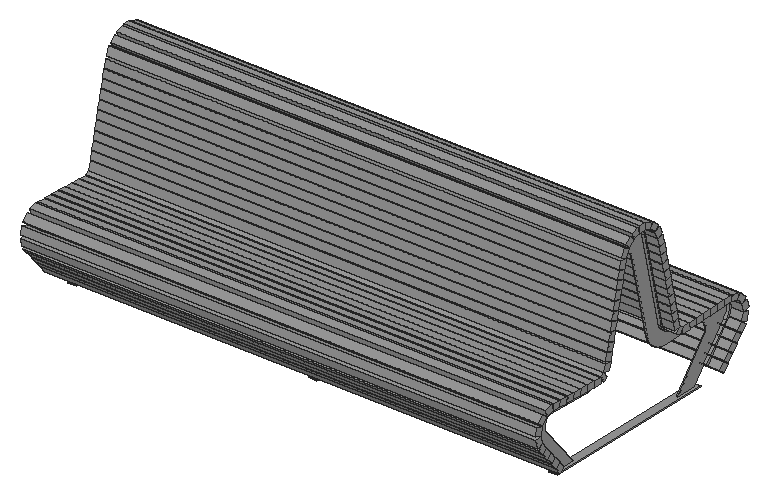
Revit family "Скамейка стальная «Парк М.Горького» двухсторонняя Арт 10762", category Антураж, Revit 2018
Family settings
  На основе рабочей плоскости = Нет
  Всегда вертикально = Да
  При загрузке вырезать с полостями = Нет
  Источник визуального образа = Геометрия семейства
  Общий = Нет
  Точка расчета площади = Нет
Parameters (values of type "Версия 3,0 м")
  Ширина = 1575 mm  # constant formula
  Цвет сидения = Дерево
  Цвет опоры = Сталь
  Средняя опора = or([Версия 2,5 м], [Версия 3,0 м])  # yes
  Описание = if([Версия 1,5 м], "Скамейка стальная «Парк М. Горького» двухсторонняя. Версия 1,5 м", if([Версия 1,8 м], "Скамейка стальная «Парк М. Горького» двухсторонняя. Версия 1,8 м", if([Версия 2,0 м], "Скамейка стальная «Парк М. Горького» двухсторонняя. Версия 2,0 м", if([Версия 2,5 м], "Скамейка стальная «Парк М. Горького» двухсторонняя. Версия 2,5 м", "Скамейка стальная «Парк М. Горького» двухсторонняя. Версия 3,0 м"))))  # "Скамейка стальная «Парк М. Горького» двухсторонняя. Версия 3,0 м"
  Материал изделия = "Сталь, дерево"  # constant formula
  Изображение типоразмера = Скамейка стальная «Парк М.Горького» двухсторонняя Арт 10762.jpg
  Изготовитель = "ООО «Хоббика»"  # constant formula
  Длина = if([Версия 1,5 м], 1500 mm, if([Версия 1,8 м], 1800 mm, if([Версия 2,0 м], 2000 mm, if([Версия 2,5 м], 2500 mm, 3000 mm))))  # 3000 mm
  Группа модели = "Скамейки"  # constant formula
  Высота = 1105 mm  # constant formula
  Версия 3,0 м = not(or([Версия 1,5 м], [Версия 1,8 м], [Версия 2,0 м], [Версия 2,5 м]))  # yes
  Версия 2,5 м = no
  Версия 2,0 м = no
  Версия 1,8 м = no
  Версия 1,5 м = no
  Артикул товара = "Арт. 10762"  # constant formula
  URL = "https://hobbyka.ru/product/skameyka_dvukhstoronnyaya_park_m_gorkogo/"
Types (6, lengths in mm): name | Средняя опора | Описание | Длина | Версия 3,0 м | Версия 2,5 м | Версия 2,0 м | Версия 1,8 м | Версия 1,5 м
  (no name) | yes | "Скамейка стальная «Парк М. Горького» двухсторонняя. Версия 3,0 м" | 3000 | yes | no | no | no | no
  Версия 1,5 м | no | "Скамейка стальная «Парк М. Горького» двухсторонняя. Версия 1,5 м" | 1500 | no | no | no | no | yes
  Версия 1,8 м | no | "Скамейка стальная «Парк М. Горького» двухсторонняя. Версия 1,8 м" | 1800 | no | no | no | yes | no
  Версия 2,0 м | no | "Скамейка стальная «Парк М. Горького» двухсторонняя. Версия 2,0 м" | 2000 | no | no | yes | no | no
  Версия 2,5 м | yes | "Скамейка стальная «Парк М. Горького» двухсторонняя. Версия 2,5 м" | 2500 | no | yes | no | no | no
  Версия 3,0 м | yes | "Скамейка стальная «Парк М. Горького» двухсторонняя. Версия 3,0 м" | 3000 | yes | no | no | no | no
Reference planes
  plane 1 "По центру (Вперед/Назад)": y = 0
  plane 2: z = 0
  plane 3 "По центру (Влево/Вправо)": x = 0
  plane 4: x = 100
  plane 5: x = 2900
  plane 6: x = 3000
  plane 7: y = 1575
  plane 8: z = 1105
Forms (mm)
  Extrusion 1, solid, material "Дерево" <- "Цвет сидения"
    sketch origin (0, 0, 0) x (0, 1, 0) y (0, 0, 1)
      loop
        line (483.173, 401.311) -> (484.601, 436.282) -> (439.639, 438.118) -> (438.21, 403.147) -> (483.173, 401.311)
      loop
        line (433.215, 403.352) -> (434.643, 438.322) -> (389.681, 440.159) -> (388.252, 405.188) -> (433.215, 403.352)
      loop
        line (383.256, 405.392) -> (384.685, 440.363) -> (339.722, 442.2) -> (338.294, 407.229) -> (383.256, 405.392)
      loop
        line (333.298, 407.433) -> (334.726, 442.404) -> (289.764, 444.241) -> (288.335, 409.27) -> (333.298, 407.433)
      loop
        line (283.34, 409.474) -> (284.768, 444.445) -> (239.806, 446.282) -> (238.377, 411.311) -> (283.34, 409.474)
      loop
        line (233.34, 411.517) -> (234.768, 446.487) -> (189.806, 448.324) -> (188.377, 413.353) -> (233.34, 411.517)
      loop
        line (183.34, 413.559) -> (184.768, 448.53) -> (139.806, 450.367) -> (138.377, 415.396) -> (183.34, 413.559)
      loop
        line (133.62, 415.554) -> (125.096, 449.5) -> (81.451, 438.541) -> (89.974, 404.594) -> (133.62, 415.554)
      loop
        line (87.366, 403.427) -> (62.516, 428.075) -> (30.826, 396.126) -> (55.676, 371.478) -> (87.366, 403.427)
      loop
        line (54.047, 369.13) -> (20.032, 377.377) -> (9.429, 333.644) -> (43.443, 325.397) -> (54.047, 369.13)
      loop
        line (43.263, 322.544) -> (9.885, 312.014) -> (23.423, 269.099) -> (56.802, 279.629) -> (43.263, 322.544)
      loop
        line (58.123, 277.095) -> (31.177, 254.759) -> (59.894, 220.113) -> (86.841, 242.45) -> (58.123, 277.095)
      loop
        line (90.211, 238.428) -> (63.399, 215.93) -> (92.325, 181.458) -> (119.136, 203.956) -> (90.211, 238.428)
      loop
        line (122.12, 199.934) -> (95.308, 177.436) -> (124.234, 142.964) -> (151.045, 165.462) -> (122.12, 199.934)
      loop
        line (154.028, 161.439) -> (127.217, 138.942) -> (156.142, 104.47) -> (182.954, 126.967) -> (154.028, 161.439)
      loop
        line (185.937, 122.945) -> (159.126, 100.447) -> (188.051, 65.975) -> (214.863, 88.473) -> (185.937, 122.945)
      loop
        line (542.986, 443.217) -> (553.109, 487.063) -> (519.006, 494.936) -> (508.883, 451.09) -> (542.986, 443.217)
      loop
        line (485.455, 436.802) -> (504.681, 405.276) -> (526.879, 418.814) -> (507.653, 450.34) -> (485.455, 436.802)
      loop
        line (554.234, 491.935) -> (564.357, 535.782) -> (530.254, 543.655) -> (520.131, 499.808) -> (554.234, 491.935)
      loop
        line (565.481, 540.654) -> (575.604, 584.5) -> (541.501, 592.373) -> (531.378, 548.527) -> (565.481, 540.654)
      loop
        line (576.729, 589.372) -> (586.852, 633.219) -> (552.749, 641.092) -> (542.626, 597.245) -> (576.729, 589.372)
      loop
        line (587.977, 638.091) -> (598.099, 681.937) -> (563.996, 689.81) -> (553.874, 645.964) -> (587.977, 638.091)
      loop
        line (599.224, 686.809) -> (609.347, 730.656) -> (575.244, 738.529) -> (565.121, 694.682) -> (599.224, 686.809)
      loop
        line (610.472, 735.528) -> (620.594, 779.374) -> (586.491, 787.247) -> (576.369, 743.401) -> (610.472, 735.528)
      loop
        line (621.719, 784.246) -> (631.842, 828.093) -> (597.739, 835.966) -> (587.616, 792.119) -> (621.719, 784.246)
      loop
        line (632.967, 832.965) -> (643.09, 876.811) -> (608.987, 884.685) -> (598.864, 840.838) -> (632.967, 832.965)
      loop
        line (644.214, 881.683) -> (654.337, 925.53) -> (620.234, 933.403) -> (610.111, 889.556) -> (644.214, 881.683)
      loop
        line (655.462, 930.402) -> (665.585, 974.248) -> (631.482, 982.122) -> (621.359, 938.275) -> (655.462, 930.402)
      loop
        line (666.709, 979.12) -> (686.687, 1019.443) -> (655.325, 1034.98) -> (635.347, 994.658) -> (666.709, 979.12)
      loop
        line (688.238, 1021.762) -> (722.294, 1051.176) -> (699.416, 1077.664) -> (665.36, 1048.25) -> (688.238, 1021.762)
      loop
        line (724.624, 1052.712) -> (762.668, 1065.066) -> (751.859, 1098.355) -> (713.814, 1086.001) -> (724.624, 1052.712)
      loop
        line (1082.996, 401.311) -> (1127.959, 403.147) -> (1126.53, 438.118) -> (1081.568, 436.282) -> (1082.996, 401.311)
      loop
        line (1132.955, 403.352) -> (1177.917, 405.188) -> (1176.489, 440.159) -> (1131.526, 438.322) -> (1132.955, 403.352)
      loop
        line (1182.913, 405.392) -> (1227.876, 407.229) -> (1226.447, 442.2) -> (1181.484, 440.363) -> (1182.913, 405.392)
      loop
        line (1232.871, 407.433) -> (1277.834, 409.27) -> (1276.405, 444.241) -> (1231.443, 442.404) -> (1232.871, 407.433)
      loop
        line (1282.83, 409.474) -> (1327.792, 411.311) -> (1326.364, 446.282) -> (1281.401, 444.445) -> (1282.83, 409.474)
      loop
        line (1332.83, 411.517) -> (1377.792, 413.353) -> (1376.364, 448.324) -> (1331.401, 446.487) -> (1332.83, 411.517)
      loop
        line (1382.83, 413.559) -> (1427.792, 415.396) -> (1426.364, 450.367) -> (1381.401, 448.53) -> (1382.83, 413.559)
      loop
        line (1432.55, 415.554) -> (1476.195, 404.594) -> (1484.719, 438.541) -> (1441.073, 449.5) -> (1432.55, 415.554)
      loop
        line (1478.804, 403.427) -> (1510.493, 371.478) -> (1535.343, 396.126) -> (1503.653, 428.075) -> (1478.804, 403.427)
      loop
        line (1512.123, 369.13) -> (1522.726, 325.397) -> (1556.74, 333.644) -> (1546.137, 377.377) -> (1512.123, 369.13)
      loop
        line (1522.906, 322.544) -> (1509.367, 279.629) -> (1542.746, 269.099) -> (1556.284, 312.014) -> (1522.906, 322.544)
      loop
        line (1508.047, 277.095) -> (1479.329, 242.45) -> (1506.275, 220.113) -> (1534.993, 254.759) -> (1508.047, 277.095)
      loop
        line (1475.958, 238.428) -> (1447.033, 203.956) -> (1473.845, 181.458) -> (1502.77, 215.93) -> (1475.958, 238.428)
      loop
        line (1444.05, 199.934) -> (1415.124, 165.462) -> (1441.936, 142.964) -> (1470.861, 177.436) -> (1444.05, 199.934)
      loop
        line (1412.141, 161.439) -> (1383.215, 126.967) -> (1410.027, 104.47) -> (1438.952, 138.942) -> (1412.141, 161.439)
      loop
        line (1380.232, 122.945) -> (1351.306, 88.473) -> (1378.118, 65.975) -> (1407.043, 100.447) -> (1380.232, 122.945)
      loop
        line (1023.183, 443.217) -> (1057.286, 451.09) -> (1047.163, 494.936) -> (1013.06, 487.063) -> (1023.183, 443.217)
      loop
        line (1080.714, 436.802) -> (1058.516, 450.34) -> (1039.29, 418.814) -> (1061.488, 405.276) -> (1080.714, 436.802)
      loop
        line (1011.935, 491.935) -> (1046.038, 499.808) -> (1035.916, 543.655) -> (1001.813, 535.782) -> (1011.935, 491.935)
      loop
        line (1000.688, 540.654) -> (1034.791, 548.527) -> (1024.668, 592.373) -> (990.565, 584.5) -> (1000.688, 540.654)
      loop
        line (989.44, 589.372) -> (1023.543, 597.245) -> (1013.42, 641.092) -> (979.317, 633.219) -> (989.44, 589.372)
      loop
        line (978.193, 638.091) -> (1012.296, 645.964) -> (1002.173, 689.81) -> (968.07, 681.937) -> (978.193, 638.091)
      loop
        line (966.945, 686.809) -> (1001.048, 694.682) -> (990.925, 738.529) -> (956.822, 730.656) -> (966.945, 686.809)
      loop
        line (955.698, 735.528) -> (989.801, 743.401) -> (979.678, 787.247) -> (945.575, 779.374) -> (955.698, 735.528)
      loop
        line (944.45, 784.246) -> (978.553, 792.119) -> (968.43, 835.966) -> (934.327, 828.093) -> (944.45, 784.246)
      loop
        line (933.203, 832.965) -> (967.305, 840.838) -> (957.183, 884.685) -> (923.08, 876.811) -> (933.203, 832.965)
      loop
        line (921.955, 881.683) -> (956.058, 889.556) -> (945.935, 933.403) -> (911.832, 925.53) -> (921.955, 881.683)
      loop
        line (910.707, 930.402) -> (944.81, 938.275) -> (934.688, 982.122) -> (900.585, 974.248) -> (910.707, 930.402)
      loop
        line (899.46, 979.12) -> (930.822, 994.658) -> (910.845, 1034.98) -> (879.483, 1019.443) -> (899.46, 979.12)
      loop
        line (877.931, 1021.762) -> (900.809, 1048.25) -> (866.753, 1077.664) -> (843.875, 1051.176) -> (877.931, 1021.762)
      loop
        line (841.545, 1052.712) -> (852.355, 1086.001) -> (814.311, 1098.355) -> (803.501, 1065.066) -> (841.545, 1052.712)
      loop
        line (802.001, 1065.066) -> (802.001, 1101.865) -> (764.168, 1101.865) -> (764.168, 1065.066) -> (802.001, 1065.066)
    from 0 to 3000
Dimensions and locks
  "Длина": plane 3 "По центру (Влево/Вправо)" to plane 6
  locked: plane 3 "По центру (Влево/Вправо)" to plane 4 at 100
  locked: plane 5 to plane 6 at 100
  equal spacing: plane 4, nested 3, plane 5
  "Ширина": plane 7 to plane 1 "По центру (Вперед/Назад)"
  "Высота": plane 8 to plane 2
  aligned and locked: level to plane 2
  aligned and locked: plane 4 to nested 1
  aligned and locked: plane 5 to nested 2
  aligned and locked: Extrusion 1 to plane 3 "По центру (Влево/Вправо)"
  aligned and locked: plane 6 to Extrusion 1
Automatic sketch dimensions
  Extrusion 1 sketch curve to plane 8 = 3.135 mm
  Extrusion 1 sketch curve to plane 1 "По центру (Вперед/Назад)" = 9.429 mm
  Extrusion 1 sketch curve to plane 1 "По центру (Вперед/Назад)" = 9.885 mm
  Extrusion 1 sketch curve to plane 1 "По центру (Вперед/Назад)" = 20.032 mm
  Extrusion 1 sketch curve to plane 1 "По центру (Вперед/Назад)" = 23.423 mm
  Extrusion 1 sketch curve to Extrusion 1 sketch curve = 10.794 mm  (x2)
  Extrusion 1 sketch curve to Extrusion 1 sketch curve = 7.753 mm  (x2)
  Extrusion 1 sketch curve to Extrusion 1 sketch curve = 33.378 mm
  Extrusion 1 sketch curve to Extrusion 1 sketch curve = 0.18 mm  (x2)
  Extrusion 1 sketch curve to Extrusion 1 sketch curve = 1.629 mm  (x2)
  Extrusion 1 sketch curve to Extrusion 1 sketch curve = 1.321 mm  (x2)
  Extrusion 1 sketch curve to Extrusion 1 sketch curve = 28.718 mm  (x2)
  Extrusion 1 sketch curve to Extrusion 1 sketch curve = 31.69 mm  (x2)
  Extrusion 1 sketch curve to Extrusion 1 sketch curve = 3.505 mm  (x2)
  Extrusion 1 sketch curve to Extrusion 1 sketch curve = 18.934 mm  (x2)
  Extrusion 1 sketch curve to Extrusion 1 sketch curve = 2.609 mm  (x2)
  Extrusion 1 sketch curve to Extrusion 1 sketch curve = 3.37 mm  (x2)
  Extrusion 1 sketch curve to Extrusion 1 sketch curve = 28.925 mm  (x8)
  Extrusion 1 sketch curve to Extrusion 1 sketch curve = 2.983 mm  (x12)
  Extrusion 1 sketch curve to Extrusion 1 sketch curve = 43.645 mm  (x2)
  Extrusion 1 sketch curve to Extrusion 1 sketch curve = 4.758 mm  (x2)
  Extrusion 1 sketch curve to Extrusion 1 sketch curve = 14.71 mm  (x2)
  Extrusion 1 sketch curve to Extrusion 1 sketch curve = 44.962 mm  (x14)
  level to Extrusion 1 sketch curve = 65.975 mm  (x2)
  Extrusion 1 sketch curve to Extrusion 1 sketch curve = 5.038 mm  (x8)
  Extrusion 1 sketch curve to Extrusion 1 sketch curve = 4.996 mm  (x16)
  Extrusion 1 sketch curve to Extrusion 1 sketch curve = 21.508 mm  (x2)
  Extrusion 1 sketch curve to Extrusion 1 sketch curve = 24.282 mm  (x2)
  Extrusion 1 sketch curve to Extrusion 1 sketch curve = 10.123 mm  (x22)
  Extrusion 1 sketch curve to Extrusion 1 sketch curve = 1.125 mm  (x38)
  Extrusion 1 sketch curve to Extrusion 1 sketch curve = 22.198 mm  (x2)
  Extrusion 1 sketch curve to Extrusion 1 sketch curve = 16.107 mm  (x2)
  Extrusion 1 sketch curve to plane 8 = 366.471 mm
  Extrusion 1 sketch curve to plane 8 = 317.753 mm
  Extrusion 1 sketch curve to plane 8 = 269.034 mm  (x2)
  Extrusion 1 sketch curve to plane 8 = 264.162 mm
  Extrusion 1 sketch curve to plane 8 = 220.315 mm  (x2)
  Extrusion 1 sketch curve to plane 8 = 215.444 mm
  Extrusion 1 sketch curve to plane 8 = 171.597 mm  (x2)
  Extrusion 1 sketch curve to plane 8 = 166.725 mm
  Extrusion 1 sketch curve to plane 8 = 122.878 mm  (x2)
  Extrusion 1 sketch curve to plane 8 = 272.035 mm  (x2)
  Extrusion 1 sketch curve to plane 8 = 110.342 mm
  Extrusion 1 sketch curve to Extrusion 1 sketch curve = 3.866 mm
  Extrusion 1 sketch curve to plane 8 = 223.317 mm  (x2)
  Extrusion 1 sketch curve to plane 8 = 70.02 mm  (x2)
  Extrusion 1 sketch curve to Extrusion 1 sketch curve = 19.977 mm  (x2)
  Extrusion 1 sketch curve to plane 8 = 174.598 mm  (x2)
  Extrusion 1 sketch curve to plane 8 = 56.75 mm
  Extrusion 1 sketch curve to Extrusion 1 sketch curve = 10.036 mm
  Extrusion 1 sketch curve to plane 8 = 83.238 mm  (x2)
  Extrusion 1 sketch curve to Extrusion 1 sketch curve = 1.552 mm  (x2)
  Extrusion 1 sketch curve to plane 8 = 27.336 mm  (x2)
  Extrusion 1 sketch curve to plane 8 = 18.999 mm
  Extrusion 1 sketch curve to Extrusion 1 sketch curve = 14.398 mm  (x2)
  Extrusion 1 sketch curve to Extrusion 1 sketch curve = 2.33 mm  (x2)
  Extrusion 1 sketch curve to plane 8 = 6.645 mm  (x2)
  Extrusion 1 sketch curve to Extrusion 1 sketch curve = 10.81 mm
  Extrusion 1 sketch curve to plane 8 = 52.288 mm
  Extrusion 1 sketch curve to plane 8 = 53.824 mm
  Extrusion 1 sketch curve to plane 8 = 85.557 mm
  Extrusion 1 sketch curve to plane 8 = 125.88 mm
  Extrusion 1 sketch curve to plane 8 = 130.752 mm
  Extrusion 1 sketch curve to plane 8 = 320.754 mm
  Extrusion 1 sketch curve to plane 8 = 369.472 mm
  level to Extrusion 1 sketch curve = 443.217 mm
  Extrusion 1 sketch curve to plane 7 = 223.694 mm
  Extrusion 1 sketch curve to Extrusion 1 sketch curve = 26.812 mm
  level to Extrusion 1 sketch curve = 122.945 mm
  Extrusion 1 sketch curve to Extrusion 1 sketch curve = 10.603 mm
  Extrusion 1 sketch curve to Extrusion 1 sketch curve = 22.498 mm
  Extrusion 1 sketch curve to Extrusion 1 sketch curve = 4.022 mm  (x14)
  Extrusion 1 sketch curve to Extrusion 1 sketch curve = 4.183 mm  (x2)
  Extrusion 1 sketch curve to Extrusion 1 sketch curve = 14.341 mm  (x2)
  Extrusion 1 sketch curve to Extrusion 1 sketch curve = 2.535 mm  (x2)
  Extrusion 1 sketch curve to Extrusion 1 sketch curve = 2.852 mm  (x2)
  Extrusion 1 sketch curve to Extrusion 1 sketch curve = 21.629 mm  (x2)
  Extrusion 1 sketch curve to Extrusion 1 sketch curve = 2.348 mm  (x2)
  Extrusion 1 sketch curve to Extrusion 1 sketch curve = 18.749 mm  (x2)
  Extrusion 1 sketch curve to Extrusion 1 sketch curve = 337.218 mm
  Extrusion 1 sketch curve to Extrusion 1 sketch curve = 41.906 mm
  Extrusion 1 sketch curve to Extrusion 1 sketch curve = 1.837 mm  (x14)
  Extrusion 1 sketch curve to Extrusion 1 sketch curve = 0.204 mm  (x8)
  Extrusion 1 sketch curve to Extrusion 1 sketch curve = 1.167 mm  (x2)
  Extrusion 1 sketch curve to Extrusion 1 sketch curve = 3.966 mm  (x2)
  Extrusion 1 sketch curve to Extrusion 1 sketch curve = 0.206 mm  (x4)
  Extrusion 1 sketch curve to Extrusion 1 sketch curve = 0.158 mm  (x2)
  Extrusion 1 sketch curve to Extrusion 1 sketch curve = 13.537 mm  (x2)
  Extrusion 1 sketch curve to Extrusion 1 sketch curve = 24.403 mm
  Extrusion 1 sketch curve to Extrusion 1 sketch curve = 4.872 mm  (x22)
  Extrusion 1 sketch curve to Extrusion 1 sketch curve = 38.044 mm  (x2)
  level to Extrusion 1 sketch curve = 979.12 mm
  Extrusion 1 sketch curve to Extrusion 1 sketch curve = 1.5 mm  (x2)
  Extrusion 1 sketch curve to Extrusion 1 sketch curve = 0 mm
  Extrusion 1 sketch curve to Extrusion 1 sketch curve = 37.833 mm
  Extrusion 1 sketch curve to Extrusion 1 sketch curve = 0.75 mm  (x2)
  Extrusion 1 sketch curve to Extrusion 1 sketch curve = 0.854 mm
  level to Extrusion 1 sketch curve = 436.802 mm
Nested families
  nested 1: "Скамейка стальная «Парк М.Горького» двухсторонняя Арт 10762 опора" at (100, 0, 0), type "Скамейка стальная «Парк М.Горького» двухсторонняя Арт 10762 опора"
  nested 2: "Скамейка стальная «Парк М.Горького» двухсторонняя Арт 10762 опора" at (2900, 0, 0), type "Скамейка стальная «Парк М.Горького» двухсторонняя Арт 10762 опора"
  nested 3: "Скамейка стальная «Парк М.Горького» двухсторонняя Арт 10762 опора" at (1500, 0, 0), visible <- "Средняя опора", type "Скамейка стальная «Парк М.Горького» двухсторонняя Арт 10762 опора"
Definition of nested family "Скамейка стальная «Парк М.Горького» двухсторонняя Арт 10762 опора"
  Parameters (values of type "Скамейка стальная «Парк М.Горького» двухсторонняя Арт 10762 опора")
    Цвет опоры = none
    Height = 0 mm
  Reference planes
    plane 1 "По центру (Вперед/Назад)": y = 0
    plane 2: z = 0
    plane 3 "По центру (Влево/Вправо)": x = 0
  Forms (mm)
    Extrusion 1, solid, material <- "Цвет опоры"
      sketch origin (0, 0, 0) x (0, 1, 0) y (0, 0, 1)
        loop
          arc (1497.175, 263.713) -> (1515.95, 361.307) -> (1432.705, 415.597) r 89.119
          line (1432.705, 415.597) -> (1082.996, 401.311)
          arc (1082.996, 401.311) -> (1046.48, 412.83) -> (1023.183, 443.217) r 63.64
          line (1023.183, 443.217) -> (900.585, 974.248)
          arc (900.585, 974.248) -> (783.085, 1067.712) -> (665.585, 974.248) r 120.591
          line (665.585, 974.248) -> (542.986, 443.217)
          arc (542.986, 443.217) -> (519.689, 412.83) -> (483.173, 401.311) r 63.64
          line (483.173, 401.311) -> (133.465, 415.597)
          arc (133.465, 415.597) -> (50.22, 361.307) -> (68.994, 263.713) r 89.119
          line (68.994, 263.713) -> (290.276, 0) -> (407.762, 0) -> (204.42, 242.333)
          arc (204.42, 242.333) -> (202.642, 291.123) -> (241.16, 321.122) r 53.609
          line (241.16, 321.122) -> (480.937, 311.327)
          arc (480.937, 311.327) -> (573.135, 340.404) -> (629.715, 418.792) r 153.64
          line (629.715, 418.792) -> (736.502, 881.34)
          arc (736.502, 881.34) -> (783.085, 917.812) -> (829.667, 881.34) r 47.984
          line (829.667, 881.34) -> (936.454, 418.792)
          arc (936.454, 418.792) -> (993.034, 340.404) -> (1085.232, 311.327) r 153.64
          line (1085.232, 311.327) -> (1325.009, 321.122)
          arc (1325.009, 321.122) -> (1363.528, 291.123) -> (1361.749, 242.333) r 53.609
          line (1361.749, 242.333) -> (1158.407, 0) -> (1275.894, 0) -> (1497.175, 263.713)
      from -2.5 to 2.5
    Extrusion 2, solid, material <- "Цвет опоры"
      sketch origin (0, 0, 0) x (0, 1, 0) y (0, 0, 1)
        loop
          arc (900.585, 974.248) -> (783.085, 1067.712) -> (665.585, 974.248) r 120.591
          line (665.585, 974.248) -> (542.986, 443.217)
          arc (542.986, 443.217) -> (519.689, 412.83) -> (483.173, 401.311) r 63.64
          line (483.173, 401.311) -> (133.465, 415.597)
          arc (133.465, 415.597) -> (50.22, 361.307) -> (68.994, 263.713) r 89.119
          line (68.994, 263.713) -> (213.141, 91.925) -> (216.69, 95.474) -> (72.688, 267.089)
          arc (72.688, 267.089) -> (54.769, 359.228) -> (133.33, 410.598) r 84.119
          line (133.33, 410.598) -> (483.069, 396.311)
          arc (483.069, 396.311) -> (522.642, 408.794) -> (547.791, 441.801) r 68.64
          line (547.791, 441.801) -> (670.456, 973.123)
          arc (670.456, 973.123) -> (783.085, 1062.712) -> (895.713, 973.123) r 115.591
          line (895.713, 973.123) -> (1018.378, 441.801)
          arc (1018.378, 441.801) -> (1043.527, 408.794) -> (1083.1, 396.311) r 68.64
          line (1083.1, 396.311) -> (1432.84, 410.598)
          arc (1432.84, 410.598) -> (1511.4, 359.228) -> (1493.481, 267.089) r 84.119
          line (1493.481, 267.089) -> (1349.479, 95.474) -> (1353.028, 91.925) -> (1497.175, 263.713)
          arc (1497.175, 263.713) -> (1515.95, 361.307) -> (1432.705, 415.597) r 89.119
          line (1432.705, 415.597) -> (1082.996, 401.311)
          arc (1082.996, 401.311) -> (1046.48, 412.83) -> (1023.183, 443.217) r 63.64
          line (1023.183, 443.217) -> (900.585, 974.248)
        loop
          line (1303.407, 0) -> (1303.407, 5) -> (262.762, 5) -> (262.762, 0) -> (1303.407, 0)
      from -25 to 25
  Cuts and joins
    joined: Extrusion 1, Extrusion 2
  Dimensions and locks
    aligned and locked: level to plane 2
